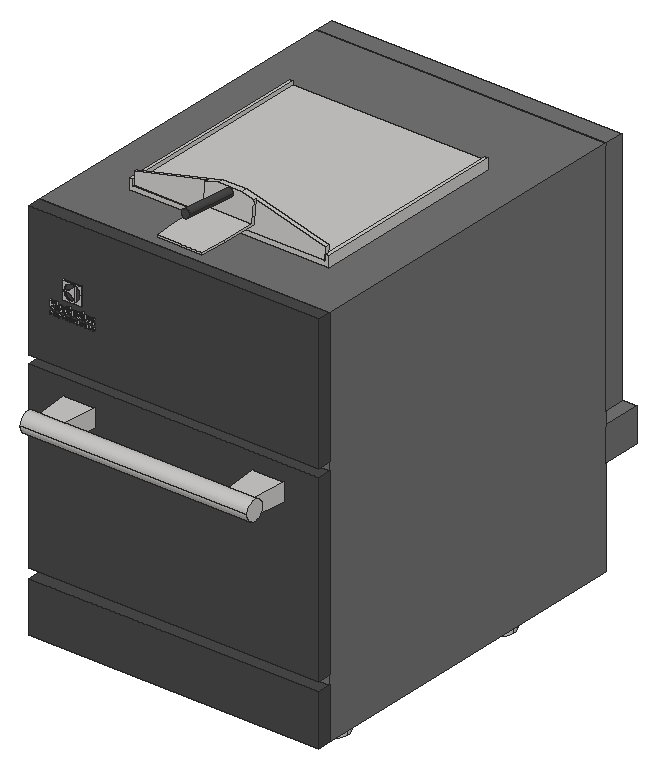
Revit family "QF_ELECTROLUXPROFESSIONAL_603952_EPRPROBTD", category Specialty Equipment, Revit 2023
Family settings
  Round Connector Dimension = Use Diameter
  Part Type = Normal
  Work Plane-Based = No
  Enable Cutting in Views = No
  Always vertical = Yes
  Cut with Voids When Loaded = No
  Maintain Annotation Orientation = No
  Shared = No
  Room Calculation Point = No
Parameters (values of type "Standard")
  Weight = 86.00 kg
  Watts = 0 W
  Volts = 380 V
  URL Manufacturer = "https://www.electroluxprofessional.com/"
  URL = "https://www.electroluxprofessional.com/"
  Steam Supply Size = 0 mm
  Steam Supply Minimum Pressure = 0.0 Pa
  Steam Supply Maximum Pressure = 0.0 Pa
  Steam Pounds per Hour = 0
  Show Logo [instance] = yes
  Show Clearance [instance] = yes
  Refrigeration Suction Line Size = 0 mm
  Refrigeration Liquid Line Size = 0 mm
  Refrigerant Compressor Remote = yes
  Manufacturer = "Electrolux Professional"
  Phase = 3
  Model = "EPRPROBTD"
  Length Actual = 460 mm  # constant formula
  Item Number = "603952"
  Hot Water Size = 0 mm
  Height Actual = 660 mm  # constant formula
  HP = "7.8 HP"
  Gas Size = 0 mm
  Gas KW = 0
  Gas Input Pressure = 0 W
  Direct Waste Size = 0 mm
  Description = "GOURMEXPRESS HIGH SPEED OVEN 380-415V 3N 50 Hz - BLACK"
  Depth Actual = 710 mm  # constant formula
  Default Elevation = 0 mm
  Cycle = 50 Hz
  Condensate Return Size = 0 mm
  Compressed Air Volume = 0.0 L/s
  Compressed Air Size = 0 mm
  Compressed Air Pressure = 0.0 Pa
  Cold Water Size = 0 mm
  Accessory = yes
Reference planes
  plane 1 "Center X": y = 418.851
  plane 2: z = 0
  plane 3 "Center Y": x = 103.5
  plane 4 "BACK": y = 703.851
  plane 5 "FRONT": y = 133.851
  plane 6: z = 629
  plane 7 "TOP": z = 1239
  plane 8: y = -121.149
  plane 9 "RIGHT": x = 333.5
  plane 10 "LEFT": x = -126.5
  plane 11: x = -56.5
  plane 12: x = 263.5
  plane 13: y = 583.851
  plane 14: y = 253.851
  plane 15: z = 578
Forms (mm)
  Extrusion 1, solid, material "QF_Finishes_Dark Gray"
    sketch origin (0, 0, 578) x (1, 0, 0) y (0, 1, 0)
      loop
        line (-126.5, 703.851) -> (-126.5, 155.851) -> (333.5, 155.851) -> (333.5, 703.851) -> (-126.5, 703.851)
    from 51 to 661
  Extrusion 2, solid, material "QF_Finishes_Black"
    sketch origin (0, 0, 578) x (1, 0, 0) y (0, 1, 0)
      loop
        line (-126.5, 155.851) -> (-126.5, 133.851) -> (333.5, 133.851) -> (333.5, 155.851) -> (-126.5, 155.851)
    from 51 to 131
  Extrusion 3, solid, material "QF_Finishes_Black"
    sketch origin (0, 0, 673) x (1, 0, 0) y (0, 1, 0)
      loop
        line (-126.5, 155.851) -> (-126.5, 133.851) -> (333.5, 133.851) -> (333.5, 155.851) -> (-126.5, 155.851)
    from 51 to 341
  Extrusion 4, solid, material "QF_Finishes_Black"
    sketch origin (0, 0, 976) x (1, 0, 0) y (0, 1, 0)
      loop
        line (-126.5, 155.851) -> (-126.5, 133.851) -> (333.5, 133.851) -> (333.5, 155.851) -> (-126.5, 155.851)
    from 51 to 263
  Extrusion 5, solid, material "QF_Finishes_Dark Gray"
    sketch origin (-126.5, 0, 578) x (0, 1, 0) y (0, 0, 1)
      loop
        line (703.851, 661) -> (703.851, 281) -> (733.851, 281) -> (733.851, 661) -> (703.851, 661)
    from 0 to 460
  Extrusion 6, solid, material "QF_Finishes_Dark Gray"
    sketch origin (-126.5, 0, 578) x (0, 1, 0) y (0, 0, 1)
      loop
        line (703.851, 261) -> (703.851, 207) -> (763.851, 207) -> (763.851, 261) -> (703.851, 261)
    from 0 to 460
  Extrusion 7, solid, material "QF_Finishes_Dark Gray"
    sketch origin (-126.5, 703.851, 578) x (1, 0, 0) y (0, 0, -1)
      loop
        circle (230, -111) r 10
    from 0 to 10
  Extrusion 8, solid, material "QF_Finishes_Stainless Steel"
    sketch origin (-126.5, 15, 578) x (0, 1, 0) y (0, 0, 1)
      loop
        circle (53.851, 400) r 15
    from 50 to 410
  Extrusion 9, solid, material "QF_Finishes_Stainless Steel"
    sketch origin (0, 0, 578) x (1, 0, 0) y (0, 1, 0)
      loop
        line (-71.5, 133.851) -> (-64.668, 68.851) -> (-28.332, 68.851) -> (-21.5, 133.851) -> (-71.5, 133.851)
    from 382.4 to 410.034
  Extrusion 10, solid, material "QF_Finishes_Stainless Steel"
    sketch origin (207, 0, 578) x (-1, 0, 0) y (0, -1, 0)
      loop
        line (-71.5, -133.851) -> (-21.5, -133.851) -> (-28.332, -68.851) -> (-64.668, -68.851) -> (-71.5, -133.851)
    from 382.4 to 410.034
  Extrusion 11, solid, material "QF_Finishes_Stainless Steel"
    sketch origin (313.5, 559.851, 708) x (-1, 0, 0) y (0, 0, -1)
      loop
        line (367.5, -531) -> (52.5, -531) -> (52.5, -548) -> (57.5, -548) -> (57.5, -538) -> (362.5, -538) -> (362.5, -548) -> (367.5, -548) -> (367.5, -531)
    from 0 to 316
  Extrusion 12, solid, material "QF_Finishes_Stainless Steel"
    sketch origin (313.5, 192.398, 710.47) x (-1, 0, 0) y (0, -0.095638, -0.995416)
      loop
        line (362, -538.979) -> (58, -538.979) -> (58, -558.12) -> (191.039, -590.161) -> (228.961, -590.161) -> (362, -558.12) -> (362, -538.979)
    from 0 to -5
  Extrusion 13, solid, material "QF_Finishes_Stainless Steel"
    sketch origin (313.5, 192.398, 710.466) x (-1, 0, 0) y (0, -0.095638, -0.995416)
      loop
        line (228.961, -590.164) -> (248.405, -585.482) -> (248.405, -549.816) -> (171.595, -549.816) -> (171.595, -585.482) -> (191.039, -590.164) -> (228.961, -590.164)
    from 0 to 5
  Extrusion 14, solid, material "QF_Finishes_Stainless Steel"
    sketch origin (0, 1.059, 1239.429) x (1, 0, 0) y (0, 1, 0)
      loop
        line (65.095, 244.787) -> (65.095, 183.851) -> (68.512, 144.792) -> (138.488, 144.792) -> (141.905, 183.851) -> (141.905, 244.787) -> (65.095, 244.787)
    from 17.834 to 20.834
  Extrusion 15, solid, material "QF_Finishes_Black"
    sketch origin (313.5, 187.421, 710.944) x (-1, 0, 0) y (0, -0.095638, -0.995416)
      loop
        circle (210, -582.028) r 6.6
    from 0 to 86.671
  Extrusion 16, solid, material "QF_Door-Drawer Clearances", visible <- "Show Clearance", detail levels coarse
    sketch origin (-126.5, 0, 0) x (0, 1, 0) y (0, 0, 1)
      loop
        line (133.851, 724) -> (133.851, 1014)
        arc (133.851, 1014) -> (-53.454, 921.587) -> (-121.149, 724) r 273.889
        line (-121.149, 724) -> (133.851, 724)
    from 0 to 460
  Extrusion 17, solid, material "QF_Clearances", visible <- "Show Clearance", detail levels coarse
    sketch origin (0, 0, 1239) x (1, 0, 0) y (0, 1, 0)
      loop
        line (-126.5, 703.851) -> (333.5, 703.851) -> (333.5, 133.851) -> (393.5, 133.851) -> (393.5, 763.851) -> (-186.5, 763.851) -> (-186.5, 133.851) -> (-126.5, 133.851) -> (-126.5, 703.851)
    from -661 to 140
  Extrusion 18, solid, material "QF_Clearances", visible <- "Show Clearance", detail levels coarse
    sketch origin (0, 0, 1239) x (1, 0, 0) y (0, 1, 0)
      loop
        line (-126.5, 703.851) -> (-126.5, 133.851) -> (333.5, 133.851) -> (333.5, 703.851) -> (-126.5, 703.851)
    from 0 to 140
  Extrusion 19, solid, material "QF_Finishes_Stainless Steel"
    sketch origin (313.5, 429.285, 708) x (-1, 0, 0) y (0, 0, -1)
      loop
        line (362, -543.5) -> (362, -538.5) -> (58, -538.5) -> (58, -543.5) -> (362, -543.5)
    from -130.566 to 180.363
Cuts and joins
  joined: Extrusion 8, Extrusion 9, Extrusion 10
  joined: Extrusion 12, Extrusion 13, Extrusion 14, Extrusion 19
Lines and regions (mm)
  Split face 1
    outline origin (365.185, 133.851, 976) x (-1, 0, 0) y (0, 0, -1)
      loop
        line (491.685, -81) -> (363.685, -81) -> (351.685, -69) -> (171.685, -69) -> (159.685, -81) -> (31.685, -81)
  Split face 2
    outline origin (365.185, 133.851, 976) x (-1, 0, 0) y (0, 0, -1)
      loop
        line (316.685, -185) -> (316.685, -119) -> (206.685, -119) -> (206.685, -185) -> (316.685, -185)
  Split face 3
    outline origin (365.185, 133.851, 976) x (-1, 0, 0) y (0, 0, -1)
      loop
        circle (101.685, -153.968) r 15
  symbolic lines
    curve 1: line (-126.5, 703.851, 1239) -> (333.5, 703.851, 1239)
    curve 2: line (-126.5, 133.851, 1239) -> (-126.5, 703.851, 1239)
    curve 3: line (333.5, 133.851, 1239) -> (-126.5, 133.851, 1239)
    curve 4: line (333.5, 703.851, 1239) -> (333.5, 133.851, 1239)
    curve 5: line (-54, 559.851, 1239) -> (261, 559.851, 1239)
    curve 6: line (-54, 243.851, 1239) -> (-54, 559.851, 1239)
    curve 7: line (261, 243.851, 1239) -> (141.905, 243.851, 1239)
    curve 8: line (261, 559.851, 1239) -> (261, 243.851, 1239)
    curve 9: line (65.095, 248.392, 1239) -> (65.095, 184.91, 1239)
    curve 10: line (65.095, 184.91, 1239) -> (68.512, 145.851, 1239)
    curve 11: line (138.488, 145.851, 1239) -> (141.905, 184.91, 1239)
    curve 12: line (141.905, 184.91, 1239) -> (141.905, 248.392, 1239)
    curve 13: spline (110.1, 156.811, 1239) -> (109.875, 156.974, 1239) -> (109.216, 157.126, 1239) -> (108.167, 157.257, 1239) -> (106.8, 157.357, 1239) -> (105.208, 157.42, 1239) -> (103.5, 157.442, 1239) -> (101.792, 157.42, 1239) -> (100.2, 157.357, 1239) -> (98.833, 157.257, 1239) -> (97.784, 157.126, 1239) -> (97.125, 156.974, 1239) -> (96.9, 156.811, 1239)
    curve 14: spline (96.9, 156.811, 1239) -> (97.125, 156.647, 1239) -> (97.784, 156.495, 1239) -> (98.833, 156.364, 1239) -> (100.2, 156.264, 1239) -> (101.792, 156.201, 1239) -> (103.5, 156.18, 1239) -> (105.208, 156.201, 1239) -> (106.8, 156.264, 1239) -> (108.167, 156.364, 1239) -> (109.216, 156.495, 1239) -> (109.875, 156.647, 1239) -> (110.1, 156.811, 1239)
    curve 15: line (96.9, 156.811, 1239) -> (96.9, 243.084, 1239)
    curve 16: spline (96.9, 243.084, 1239) -> (97.125, 243.248, 1239) -> (97.784, 243.4, 1239) -> (98.833, 243.531, 1239) -> (100.2, 243.631, 1239) -> (101.792, 243.694, 1239) -> (103.5, 243.715, 1239) -> (105.208, 243.694, 1239) -> (106.8, 243.631, 1239) -> (108.167, 243.531, 1239) -> (109.216, 243.4, 1239) -> (109.875, 243.248, 1239) -> (110.1, 243.084, 1239)
    curve 17: line (110.1, 156.811, 1239) -> (110.1, 243.084, 1239)
    curve 18: line (-27.16, 80.001, 1239) -> (-21.5, 133.851, 1239)
    curve 19: line (-71.5, 133.851, 1239) -> (-65.84, 80.001, 1239)
    curve 20: line (-76.5, 83.851, 1239) -> (-66.245, 83.851, 1239)
    curve 21: line (-76.5, 53.851, 1239) -> (-76.5, 83.851, 1239)
    curve 22: line (283.5, 53.851, 1239) -> (-76.5, 53.851, 1239)
    curve 23: line (283.5, 83.851, 1239) -> (283.5, 53.851, 1239)
    curve 24: line (228.5, 133.851, 1239) -> (234.16, 80.001, 1239)
    curve 25: line (272.84, 80.001, 1239) -> (278.5, 133.851, 1239)
    curve 34: line (-126.5, 703.851, 1239) -> (-126.5, 733.851, 1239)
    curve 35: line (-126.5, 733.851, 1239) -> (333.5, 733.851, 1239)
    curve 36: line (333.5, 733.851, 1239) -> (333.5, 703.851, 1239)
    curve 37: line (-126.5, 733.851, 1239) -> (-126.5, 763.851, 1239)
    curve 38: line (333.5, 763.851, 1239) -> (333.5, 733.851, 1239)
    curve 39: line (-126.5, 763.851, 0) -> (333.5, 763.851, 0)
    curve 40: line (68.512, 145.851, 1239) -> (138.488, 145.851, 1239)
    curve 41: line (-26.755, 83.851, 1239) -> (233.755, 83.851, 1239)
    curve 42: line (273.245, 83.851, 1239) -> (283.5, 83.851, 1239)
    curve 43: line (234.16, 80.001, 1239) -> (272.84, 80.001, 1239)
    curve 44: line (-65.84, 80.001, 1239) -> (-27.16, 80.001, 1239)
    curve 45: spline (96.9, 243.085, 1239) -> (97.125, 243.248, 1239) -> (97.784, 243.4, 1239) -> (98.833, 243.531, 1239) -> (100.2, 243.631, 1239) -> (101.792, 243.694, 1239) -> (103.5, 243.716, 1239) -> (105.208, 243.694, 1239) -> (106.8, 243.631, 1239) -> (108.167, 243.531, 1239) -> (109.216, 243.4, 1239) -> (109.875, 243.248, 1239) -> (110.1, 243.085, 1239)
    curve 46: line (84.539, 253.817, 1239) -> (84.539, 243.863, 1239)
    curve 47: line (122.461, 243.863, 1239) -> (122.461, 253.817, 1239)
    curve 48: line (122.461, 253.817, 1239) -> (255.5, 250.752, 1239)
    curve 49: line (256, 559.851, 1239) -> (256, 243.851, 1239)
    curve 50: line (255.5, 243.851, 1239) -> (255.5, 559.851, 1239)
    curve 51: line (-48.5, 559.851, 1239) -> (-48.5, 243.851, 1239)
    curve 52: line (-49, 243.851, 1239) -> (-49, 559.851, 1239)
    curve 53: line (141.905, 248.392, 1239) -> (255.5, 245.775, 1239)
    curve 54: line (141.905, 240.198, 1239) -> (110.1, 240.198, 1239)
    curve 55: line (141.905, 243.415, 1239) -> (122.461, 243.863, 1239)
    curve 56: line (84.539, 243.863, 1239) -> (65.095, 243.415, 1239)
    curve 57: line (-48.5, 245.775, 1239) -> (65.095, 248.392, 1239)
    curve 58: line (-48.5, 250.752, 1239) -> (84.539, 253.817, 1239)
    curve 59: line (84.539, 253.817, 1239) -> (122.461, 253.817, 1239)
    curve 60: line (122.461, 243.863, 1239) -> (84.539, 243.863, 1239)
    curve 61: line (65.095, 243.851, 1239) -> (-54, 243.851, 1239)
    curve 62: line (96.9, 240.198, 1239) -> (65.095, 240.198, 1239)
  symbolic lines, style "QF_Door-Drawer Clearances"
    curve 26: line (-126.5, 133.851, 1239) -> (-126.5, -121.149, 1239)
    curve 27: line (-126.5, -121.149, 1239) -> (333.5, -121.149, 1239)
    curve 28: line (333.5, -121.149, 1239) -> (333.5, 133.851, 1239)
  symbolic lines, style "QF_Clearances"
    curve 29: line (-186.5, 763.851, 1239) -> (-126.5, 763.851, 1239)
    curve 30: line (393.5, 763.851, 1239) -> (393.5, 133.851, 1239)
    curve 31: line (393.5, 133.851, 1239) -> (333.5, 133.851, 1239)
    curve 32: line (-126.5, 133.851, 1239) -> (-186.5, 133.851, 1239)
    curve 33: line (-186.5, 133.851, 1239) -> (-186.5, 763.851, 1239)
    curve 63: line (333.5, 763.851, 1239) -> (393.5, 763.851, 1239)
Dimensions and locks
  plane 4 "BACK" to plane 5 "FRONT" = 570 mm
  equal spacing: plane 4 "BACK", plane 1 "Center X", plane 5 "FRONT"
  equal spacing: plane 10 "LEFT", plane 3 "Center Y", plane 9 "RIGHT"
  plane 10 "LEFT" to plane 9 "RIGHT" = 460 mm
  plane 5 "FRONT" to plane 8 = 255 mm
  plane 6 to plane 15 = 51 mm
  plane 7 "TOP" to plane 6 = 610 mm
  plane 11 to plane 12 = 320 mm
  plane 13 to plane 14 = 330 mm  (x2)
  plane 15 to level = 578 mm
  aligned and locked: level to plane 2
  aligned and locked: plane 12 to nested 2
  aligned and locked: plane 12 to nested 3
  aligned and locked: plane 11 to nested 1
  aligned and locked: plane 11 to nested 4
  aligned and locked: nested 4 to plane 13
  aligned and locked: nested 3 to plane 13
  aligned and locked: nested 1 to plane 14
  aligned and locked: nested 2 to plane 14
  aligned and locked: Extrusion 1 sketch curve to plane 4 "BACK"
  aligned and locked: plane 10 "LEFT" to Extrusion 1 sketch curve
  aligned and locked: Extrusion 1 sketch curve to plane 9 "RIGHT"
  aligned and locked: Extrusion 1 to plane 6
  aligned and locked: plane 7 "TOP" to Extrusion 1
  aligned and locked: Extrusion 2 sketch curve to Extrusion 1  (x2)
  aligned and locked: plane 5 "FRONT" to Extrusion 2 sketch curve
  aligned and locked: Extrusion 2 sketch curve to plane 9 "RIGHT"
  aligned and locked: Extrusion 2 to plane 6
  aligned and locked: plane 7 "TOP" to Extrusion 4
  aligned and locked: plane 9 "RIGHT" to Extrusion 5
  aligned and locked: plane 9 "RIGHT" to Extrusion 16
Automatic sketch dimensions
  Extrusion 9 sketch curve to plane 5 "FRONT" = 0 mm
  Extrusion 9 sketch curve to plane 11 = 8.168 mm
  plane 11 to Extrusion 9 sketch curve = 28.168 mm
  plane 11 to Extrusion 9 sketch curve = 35 mm
  Extrusion 10 sketch curve to plane 5 "FRONT" = 0 mm
  Extrusion 10 sketch curve to plane 12 = 8.168 mm
  plane 12 to Extrusion 10 sketch curve = 28.168 mm
  plane 12 to Extrusion 10 sketch curve = 35 mm
  Extrusion 12 sketch curve to plane 12 = 8 mm
  plane 3 "Center Y" to Extrusion 12 sketch curve = 18.961 mm
  Extrusion 12 sketch curve to plane 3 "Center Y" = 18.961 mm
  plane 11 to Extrusion 12 sketch curve = 8 mm
  Extrusion 12 sketch curve to Extrusion 12 sketch curve = 32.04 mm  (x2)
  Extrusion 12 sketch curve to Extrusion 12 sketch curve = 19.141 mm
  Extrusion 13 sketch curve to Extrusion 12 = 0 mm  (x5)
  Extrusion 13 sketch curve to Extrusion 12 = 10.834 mm
  Extrusion 13 sketch curve to Extrusion 13 sketch curve = 19.444 mm  (x2)
  Extrusion 14 sketch curve to plane 14 = 8.005 mm
  Extrusion 14 sketch curve to plane 3 "Center Y" = 38.405 mm
  plane 5 "FRONT" to Extrusion 14 sketch curve = 12 mm
  Extrusion 14 sketch curve to plane 3 "Center Y" = 34.988 mm
  plane 3 "Center Y" to Extrusion 14 sketch curve = 34.988 mm
  plane 3 "Center Y" to Extrusion 14 sketch curve = 38.405 mm
  Extrusion 15 sketch curve to Extrusion 13 = 8.137 mm
  Extrusion 15 sketch curve to Extrusion 13 = 38.405 mm
  Extrusion 9 sketch curve to plane 11 = 15 mm
  Extrusion 10 sketch curve to plane 12 = 15 mm
  Extrusion 9 sketch curve to plane 5 "FRONT" = 65 mm
  plane 5 "FRONT" to Extrusion 10 sketch curve = 65 mm
  plane 5 "FRONT" to Extrusion 1 sketch curve = 22 mm
  Extrusion 14 sketch curve to Extrusion 14 sketch curve = 39.059 mm  (x2)
  curve 39 to plane 10 "LEFT" = 0 mm
  curve 39 to plane 9 "RIGHT" = 0 mm
  plane 4 "BACK" to curve 39 = 60 mm
  Extrusion 3 sketch curve to plane 5 "FRONT" = 0 mm
  Extrusion 3 sketch curve to plane 10 "LEFT" = 0 mm
  Extrusion 3 sketch curve to plane 9 "RIGHT" = 0 mm
  plane 5 "FRONT" to Extrusion 3 sketch curve = 22 mm
  Extrusion 4 sketch curve to plane 5 "FRONT" = 0 mm
  Extrusion 4 sketch curve to plane 10 "LEFT" = 0 mm
  Extrusion 4 sketch curve to plane 9 "RIGHT" = 0 mm
  plane 5 "FRONT" to Extrusion 4 sketch curve = 22 mm
  Split face 1 sketch curve to Extrusion 4 = 0 mm
  Extrusion 4 to Split face 1 sketch curve = 0 mm
  Split face 1 sketch curve to Extrusion 4 = 30 mm
  Split face 1 sketch curve to Split face 1 sketch curve = 128 mm
  Split face 1 sketch curve to Split face 1 sketch curve = 12 mm  (x3)
  Split face 1 sketch curve to Extrusion 4 = 18 mm
  Split face 1 sketch curve to Extrusion 4 = 140 mm
  Split face 2 sketch curve to Extrusion 4 = 78 mm
  Split face 2 sketch curve to Extrusion 4 = 175 mm
  Split face 2 sketch curve to Split face 2 sketch curve = 110 mm
  Split face 2 sketch curve to Split face 2 sketch curve = 66 mm
  Split face 3 sketch curve to Extrusion 4 = 70 mm
  Split face 3 sketch curve to Extrusion 4 = 102.968 mm
  Extrusion 5 sketch curve to plane 4 "BACK" = 0 mm
  Extrusion 5 sketch curve to plane 7 "TOP" = 0 mm
  plane 4 "BACK" to Extrusion 5 sketch curve = 30 mm
  plane 6 to Extrusion 5 sketch curve = 230 mm
  Extrusion 6 sketch curve to plane 4 "BACK" = 0 mm
  plane 4 "BACK" to Extrusion 6 sketch curve = 60 mm
  plane 6 to Extrusion 6 sketch curve = 156 mm
  Extrusion 6 sketch curve to Extrusion 6 sketch curve = 54 mm
  Extrusion 1 to Extrusion 7 sketch curve = 60 mm
  Extrusion 7 sketch curve to Extrusion 1 = 230 mm
  Extrusion 8 sketch curve to plane 5 "FRONT" = 65 mm
  Extrusion 8 sketch curve to plane 7 "TOP" = 261 mm
  Extrusion 11 sketch curve to plane 7 "TOP" = 0 mm
  Extrusion 11 sketch curve to plane 12 = 2.5 mm
  Extrusion 11 sketch curve to plane 12 = 7.5 mm
  plane 11 to Extrusion 11 sketch curve = 7.5 mm
  plane 11 to Extrusion 11 sketch curve = 2.5 mm
  plane 7 "TOP" to Extrusion 11 sketch curve = 7 mm
  Extrusion 11 sketch curve to Extrusion 11 sketch curve = 10 mm  (x2)
  Extrusion 16 sketch curve to plane 8 = 0 mm
  Extrusion 16 sketch curve to plane 5 "FRONT" = 0 mm
  plane 5 "FRONT" to Extrusion 16 sketch curve = 18.377 mm
  plane 6 to Extrusion 16 sketch curve = 95 mm
  Extrusion 16 sketch curve to Extrusion 16 sketch curve = 16.729 mm
  Extrusion 17 sketch curve to Extrusion 1 = 0 mm  (x3)
  Extrusion 1 to Extrusion 17 sketch curve = 22 mm  (x2)
  Extrusion 1 to Extrusion 17 sketch curve = 60 mm  (x3)
  Extrusion 18 sketch curve to Extrusion 1 = 0 mm  (x3)
  Extrusion 1 to Extrusion 18 sketch curve = 22 mm
  Extrusion 19 sketch curve to plane 12 = 8 mm
  plane 11 to Extrusion 19 sketch curve = 8 mm
  plane 7 "TOP" to Extrusion 19 sketch curve = 12.5 mm
  Extrusion 19 sketch curve to Extrusion 19 sketch curve = 5 mm
  curve 37 to Extrusion 1 = 0 mm
  curve 4 to Extrusion 1 = 0 mm  (x2)
  Extrusion 1 to curve 33 = 22 mm
  Extrusion 1 to curve 33 = 60 mm  (x2)
  curve 20 to Extrusion 1 = 50 mm
  curve 20 to curve 19 = 10.66 mm
  curve 6 to Extrusion 1 = 72.5 mm
  curve 19 to curve 18 = 38.68 mm
  curve 6 to curve 9 = 119.095 mm
  Extrusion 1 to curve 40 = 10 mm
  curve 9 to curve 40 = 3.417 mm
  curve 9 to curve 46 = 19.444 mm
  curve 46 to curve 15 = 12.361 mm
  curve 17 to Extrusion 1 = 0.96 mm
  curve 13 to curve 17 = 13.2 mm
  curve 55 to Extrusion 1 = 88.012 mm
  curve 16 to curve 55 = 12.361 mm
  curve 13 to curve 11 = 28.388 mm
  curve 53 to Extrusion 1 = 92.541 mm
  curve 47 to curve 53 = 19.444 mm
  curve 24 to Extrusion 1 = 99.34 mm
  curve 5 to Extrusion 1 = 72.5 mm
  curve 24 to curve 43 = 38.68 mm
  curve 25 to curve 42 = 10.66 mm
  curve 63 to curve 30 = 60 mm
  curve 21 to curve 19 = 50 mm
  curve 42 to curve 25 = 50 mm
  curve 43 to curve 42 = 3.85 mm
  curve 44 to curve 20 = 3.85 mm
  curve 21 to curve 19 = 26.15 mm
  curve 28 to curve 22 = 175 mm
  curve 10 to Extrusion 1 = 29.059 mm
  curve 11 to Extrusion 1 = 29.059 mm
  curve 17 to curve 47 = 0.779 mm
  curve 6 to Extrusion 1 = 88 mm
  curve 8 to Extrusion 1 = 88 mm
  curve 61 to curve 9 = 4.541 mm
  curve 47 to curve 47 = 9.954 mm
  curve 5 to Extrusion 1 = 144 mm
  Extrusion 1 to curve 38 = 30 mm
  Extrusion 1 to curve 30 = 60 mm
  curve 20 to curve 19 = 5 mm
  curve 5 to curve 52 = 5 mm
  curve 52 to curve 58 = 0.5 mm
  curve 18 to curve 41 = 0.405 mm
  curve 19 to curve 18 = 50 mm
  curve 45 to curve 15 = 0 mm
  curve 45 to curve 16 = 0 mm
  curve 24 to curve 24 = 5.66 mm
  curve 53 to curve 7 = 5.5 mm
  curve 50 to curve 49 = 0.5 mm
  curve 25 to curve 42 = 0.405 mm
  curve 62 to curve 61 = 3.653 mm
  curve 54 to curve 7 = 3.653 mm
  curve 15 to curve 45 = 0 mm
  curve 55 to curve 7 = 0.436 mm
  curve 56 to curve 61 = 0.436 mm
  curve 51 to curve 57 = 1.924 mm
  curve 50 to curve 53 = 1.924 mm
  curve 57 to curve 58 = 4.977 mm
  curve 53 to curve 48 = 4.977 mm
  radius of Extrusion 15 sketch curve = 6.6 mm
  radius of Split face 3 sketch curve = 15 mm
  radius of Extrusion 7 sketch curve = 10 mm
  radius of Extrusion 8 sketch curve = 15 mm
Nested families
  nested 1: "Foot_Complete" at (-56.5, 253.851, 578), type "Foot_Complete"
  nested 2: "Foot_Complete" at (263.5, 253.851, 578), type "Foot_Complete"
  nested 3: "Foot_Complete" at (263.5, 583.851, 578), type "Foot_Complete"
  nested 4: "Foot_Complete" at (-56.5, 583.851, 578), type "Foot_Complete"
  nested 5: "ELX_Logo_Professional" at (-56.5, 133.851, 1122.524) x (1, 0, 0) z (0, -1, 0), visible <- "Show Logo", type "ELX_Logo_Professional"
Connectors
  electrical at (103.5, 713.851, 689)
    settings: on Extrusion 7, index 1, voltage 0 V, apparent load 0 VA, apparent load phase1 0 VA, apparent load phase2 0 VA, apparent load phase3 0 VA, power factor 1, load classification "Altro", number of poles 1, system type 30, power factor state 1, is connector primary yes, connector utility no, sub classification motor no, connector description "Electrical"
Definition of nested family "Foot_Complete"
  Parameters (values of type "Foot_Complete")
    R = 25 mm
    H = 51 mm
    Default Elevation = 0 mm
  Reference planes
    plane 1 "Centro (Fronte/Retro)": y = 0
    plane 2: z = 0
    plane 3 "Centro (Sinistra/Destra)": x = 0
    plane 4: z = 51
  Forms (mm)
    Revolve 1, solid
      sketch origin (255.05, 0, 608.09) x (0, 0, 1) y (-1, 0, 0)
        loop
          line (-608.09, 255.05) -> (-608.09, 235.05) -> (-597.09, 235.05) -> (-597.09, 230.05) -> (-557.09, 230.05) -> (-557.09, 255.05) -> (-608.09, 255.05)
        axis (-608.09, 255.05) -> (-557.09, 255.05)
      angle from 0 to 360
  Dimensions and locks
    level to Revolve 1 sketch curve = 11 mm
    "R": Revolve 1 sketch curve to plane 3 "Centro (Sinistra/Destra)"
    "H": plane 4 to level
    aligned and locked: level to plane 2
    aligned and locked: plane 4 to Revolve 1 sketch curve
    aligned and locked: Revolve 1 sketch curve to level
    aligned and locked: plane 3 "Centro (Sinistra/Destra)" to Revolve 1 sketch curve
  Automatic sketch dimensions
    Revolve 1 sketch curve to plane 3 "Centro (Sinistra/Destra)" = 0 mm
    Revolve 1 sketch curve to Revolve 1 sketch curve = 5 mm
    Revolve 1 sketch curve to Revolve 1 sketch curve = 50 mm
    Revolve 1 sketch curve to Revolve 1 sketch curve = 20 mm
Definition of nested family "ELX_Logo_Professional"
  Parameters (values of type "ELX_Logo_Professional")
    materiale = none
    Default Elevation = 0 mm
  Reference planes
    plane 1 "Centro (Fronte/Retro)": y = 0
    plane 2: z = 0
    plane 3 "Centro (Sinistra/Destra)": x = 0
  Forms (mm)
    Extrusion 1, solid
      sketch origin (0, 0, 0) x (1, 0, 0) y (0, 1, 0)
        loop
          line (-1219.2, 1219.2) -> (-1219.2, -1219.2) -> (1219.2, -1219.2) -> (1219.2, 1219.2) -> (-1219.2, 1219.2)
      from 0 to -304.8
    Extrusion 2, solid, material <- "materiale"
      sketch origin (-144.622, -1081.55, 0) x (-1, 0, 0) y (0, -1, 0)
        loop
          line (-130.265, -1113.361) -> (-130.265, -1084.645) -> (-158.979, -1084.645) -> (-158.979, -1113.361) -> (-130.265, -1113.361)
        loop
          arc (-146.24, -1106.937) -> (-147.076, -1109.166) -> (-147.324, -1111.534) r 9.395
          arc (-147.324, -1111.534) -> (-145.139, -1111.806) -> (-142.939, -1111.706) r 13.008
          line (-142.939, -1111.706) -> (-141.329, -1111.382) -> (-139.8, -1110.859) -> (-138.364, -1110.152) -> (-137.035, -1109.277) -> (-135.826, -1108.249) -> (-134.751, -1107.081) -> (-133.821, -1105.789) -> (-133.05, -1104.389) -> (-132.452, -1102.893) -> (-132.039, -1101.318) -> (-131.824, -1099.675) -> (-134.539, -1099.675) -> (-136.155, -1099.784) -> (-137.741, -1100.101) -> (-139.277, -1100.613) -> (-140.74, -1101.304) -> (-142.111, -1102.159) -> (-143.367, -1103.165) -> (-144.488, -1104.306) -> (-145.453, -1105.568) -> (-146.24, -1106.937)
        loop
          line (-148.67, -1086.844) -> (-150.173, -1087.464) -> (-151.57, -1088.253) -> (-152.847, -1089.196) -> (-153.992, -1090.281) -> (-154.994, -1091.494) -> (-155.841, -1092.821) -> (-156.519, -1094.25) -> (-157.018, -1095.766) -> (-157.324, -1097.357) -> (-157.427, -1099.009) -> (-157.315, -1100.685) -> (-156.998, -1102.296) -> (-156.488, -1103.827) -> (-155.799, -1105.265) -> (-154.946, -1106.596) -> (-153.94, -1107.806) -> (-152.796, -1108.882) -> (-151.528, -1109.81) -> (-150.148, -1110.576) -> (-148.67, -1111.167) -> (-148.67, -1086.844)
        loop
          arc (-147.323, -1086.473) -> (-147.041, -1088.83) -> (-146.239, -1091.065) r 10.532
          line (-146.239, -1091.065) -> (-145.452, -1092.432) -> (-144.488, -1093.693) -> (-143.367, -1094.833) -> (-142.111, -1095.838) -> (-140.741, -1096.693) -> (-139.278, -1097.383) -> (-137.743, -1097.894) -> (-136.157, -1098.211) -> (-134.541, -1098.32) -> (-131.822, -1098.32) -> (-131.976, -1096.81) -> (-132.312, -1095.353) -> (-132.818, -1093.961) -> (-133.481, -1092.644) -> (-134.291, -1091.416) -> (-135.235, -1090.288) -> (-136.302, -1089.272) -> (-137.48, -1088.379) -> (-138.757, -1087.622) -> (-140.121, -1087.012) -> (-141.56, -1086.561) -> (-143.063, -1086.281) -> (-144.633, -1086.183)
          arc (-144.633, -1086.183) -> (-145.985, -1086.264) -> (-147.323, -1086.473) r 14.39
        loop
          line (-111.329, -1069.559) -> (-111.329, -1071.073) -> (-116.048, -1071.073) -> (-116.048, -1072.896) -> (-111.328, -1072.896) -> (-111.328, -1075.549) -> (-116.349, -1075.549) -> (-116.349, -1077.368) -> (-109.396, -1077.368) -> (-109.396, -1073.46) -> (-109.396, -1069.659)
          arc (-109.396, -1069.659) -> (-110.425, -1067.175) -> (-112.909, -1066.146) r 3.513
          line (-112.909, -1066.146) -> (-116.483, -1066.146) -> (-116.483, -1067.963) -> (-112.925, -1067.963)
          arc (-112.925, -1067.963) -> (-111.797, -1068.431) -> (-111.329, -1069.559) r 1.596
        loop
          line (-119.79, -1077.358) -> (-117.856, -1077.358) -> (-117.856, -1072.053) -> (-117.856, -1066.132) -> (-119.79, -1066.132) -> (-119.79, -1072.092) -> (-119.79, -1077.358)
        loop
          line (-122.986, -1069.718) -> (-129.327, -1069.718)
          arc (-129.327, -1069.718) -> (-129.219, -1071.449) -> (-128.497, -1073.026) r 4.757
          arc (-128.497, -1073.026) -> (-125.237, -1074.5) -> (-121.978, -1073.026) r 4.34
          arc (-121.978, -1073.026) -> (-121.072, -1070.207) -> (-121.978, -1067.388) r 4.838
          arc (-121.978, -1067.388) -> (-125.393, -1065.933) -> (-128.809, -1067.388) r 4.737
          line (-128.809, -1067.388) -> (-127.645, -1068.52)
          arc (-127.645, -1068.52) -> (-125.509, -1067.576) -> (-123.374, -1068.52) r 2.888
          arc (-123.374, -1068.52) -> (-123.05, -1069.077) -> (-122.986, -1069.718) r 1.527
        loop
          arc (-127.386, -1071.076) -> (-126.67, -1072.331) -> (-125.331, -1072.872) r 2.201
          arc (-125.331, -1072.872) -> (-123.848, -1072.402) -> (-123.033, -1071.076) r 2.23
          line (-123.033, -1071.076) -> (-127.386, -1071.076)
        loop
          line (-136.862, -1071.886) -> (-138.059, -1073.132)
          arc (-138.059, -1073.132) -> (-130.327, -1070.219) -> (-138.059, -1067.306) r 4.415
          line (-138.059, -1067.306) -> (-136.862, -1068.553)
          arc (-136.862, -1068.553) -> (-132.252, -1070.22) -> (-136.862, -1071.886) r 2.606
        loop
          line (-141.192, -1069.673) -> (-141.192, -1072.494) -> (-142.951, -1072.494) -> (-142.951, -1074.25) -> (-141.195, -1074.25) -> (-141.195, -1077.358) -> (-139.262, -1077.358) -> (-139.262, -1073.332) -> (-139.262, -1069.514)
          arc (-139.262, -1069.514) -> (-140.299, -1066.92) -> (-142.98, -1066.132) r 3.196
          line (-142.98, -1066.132) -> (-142.987, -1067.949)
          arc (-142.987, -1067.949) -> (-141.652, -1068.356) -> (-141.192, -1069.673) r 1.542
        loop
          line (-146.494, -1073.042) -> (-146.494, -1074.25) -> (-144.576, -1074.25) -> (-144.576, -1070.271) -> (-144.576, -1066.132) -> (-146.494, -1066.132) -> (-146.494, -1070.401)
          arc (-146.494, -1070.401) -> (-147.446, -1072.228) -> (-149.489, -1072.494) r 2.229
          line (-149.489, -1072.494) -> (-149.489, -1074.362)
          arc (-149.489, -1074.362) -> (-147.761, -1074.226) -> (-146.494, -1073.042) r 2.627
        loop
          line (-159.833, -1072.246) -> (-159.833, -1066.131) -> (-161.767, -1066.131) -> (-161.767, -1072.17) -> (-161.767, -1077.359) -> (-159.833, -1077.359) -> (-159.833, -1072.246)
        loop
          line (-165.194, -1069.514) -> (-165.194, -1074.25) -> (-163.245, -1074.25) -> (-163.245, -1071.898) -> (-163.245, -1069.098)
          arc (-163.245, -1069.098) -> (-166.96, -1065.769) -> (-170.687, -1069.085) r 3.745
          line (-170.687, -1069.085) -> (-170.687, -1071.898) -> (-170.687, -1074.25) -> (-168.739, -1074.25) -> (-168.739, -1069.514)
          arc (-168.739, -1069.514) -> (-166.967, -1067.742) -> (-165.194, -1069.514) r 1.772
        loop
          line (-174.654, -1070.416) -> (-172.975, -1068.078) -> (-171.578, -1066.131) -> (-173.656, -1066.131) -> (-175.717, -1068.999) -> (-177.779, -1066.131) -> (-179.857, -1066.131) -> (-178, -1068.728) -> (-176.781, -1070.433) -> (-178.29, -1072.488) -> (-179.583, -1074.25) -> (-177.473, -1074.25) -> (-175.717, -1071.818) -> (-173.945, -1074.25) -> (-171.852, -1074.25) -> (-173.052, -1072.608) -> (-174.654, -1070.416)
        loop
          circle (-154.223, -1070.188) r 2.508
        loop
          circle (-154.223, -1070.188) r 4.42
        loop
          line (-110.224, -1058.542) -> (-111.194, -1058.542)
          arc (-111.194, -1058.542) -> (-112.217, -1059.95) -> (-110.924, -1061.114) r 1.3
          line (-110.924, -1061.114) -> (-109.424, -1061.114) -> (-109.424, -1057.223) -> (-110.224, -1057.223) -> (-110.224, -1058.542)
        loop
          line (-110.224, -1060.379) -> (-110.224, -1059.293) -> (-111.03, -1059.293)
          arc (-111.03, -1059.293) -> (-111.43, -1059.836) -> (-111.03, -1060.379) r 0.569
          line (-111.03, -1060.379) -> (-110.224, -1060.379)
        loop
          line (-116.302, -1058.564) -> (-117.128, -1058.564) -> (-117.934, -1057.223) -> (-118.841, -1057.223) -> (-117.833, -1058.884)
          arc (-117.833, -1058.884) -> (-118.214, -1060.282) -> (-117.028, -1061.114) r 1.26
          line (-117.028, -1061.114) -> (-115.503, -1061.114) -> (-115.503, -1057.223) -> (-116.302, -1057.223) -> (-116.302, -1058.564)
        loop
          line (-116.302, -1060.379) -> (-116.302, -1059.293) -> (-117.109, -1059.293)
          arc (-117.109, -1059.293) -> (-117.508, -1059.836) -> (-117.109, -1060.379) r 0.569
          line (-117.109, -1060.379) -> (-116.302, -1060.379)
        loop
          line (-128.923, -1057.223) -> (-129.723, -1057.223) -> (-129.723, -1058.714) -> (-131.187, -1058.714) -> (-131.187, -1059.514) -> (-129.723, -1059.514) -> (-129.723, -1060.314) -> (-131.327, -1060.314) -> (-131.327, -1061.114) -> (-128.923, -1061.114) -> (-128.923, -1057.223)
        loop
          arc (-134.628, -1058.469) -> (-134.992, -1057.588) -> (-135.874, -1057.223) r 1.246
          line (-135.874, -1057.223) -> (-137.13, -1057.223) -> (-137.13, -1058.023) -> (-135.969, -1058.023)
          arc (-135.969, -1058.023) -> (-135.53, -1058.237) -> (-135.427, -1058.714) r 0.558
          line (-135.427, -1058.714) -> (-136.984, -1058.714) -> (-136.984, -1059.514) -> (-135.427, -1059.514) -> (-135.427, -1060.314) -> (-137.092, -1060.314) -> (-137.092, -1061.114) -> (-134.628, -1061.114) -> (-134.628, -1058.469)
        loop
          line (-152.3, -1057.223) -> (-153.1, -1057.223) -> (-153.1, -1061.114) -> (-152.3, -1061.114) -> (-152.3, -1057.223)
        loop
          line (-164.67, -1057.223) -> (-164.67, -1059.67) -> (-166.45, -1057.223) -> (-167.25, -1057.223) -> (-167.25, -1061.114) -> (-166.42, -1061.114) -> (-166.42, -1058.594) -> (-164.64, -1061.114) -> (-163.84, -1061.114) -> (-163.84, -1057.223) -> (-164.67, -1057.223)
        loop
          line (-170.403, -1057.223) -> (-171.262, -1057.223) -> (-171.641, -1058.063) -> (-173.08, -1058.063) -> (-173.459, -1057.223) -> (-174.317, -1057.223) -> (-172.796, -1061.113) -> (-171.996, -1061.113) -> (-170.403, -1057.223)
        loop
          line (-177.493, -1057.223) -> (-179.789, -1057.223) -> (-179.789, -1058.023) -> (-178.293, -1058.023) -> (-178.293, -1061.114) -> (-177.493, -1061.114) -> (-177.493, -1057.223)
        loop
          line (-172.362, -1059.848) -> (-171.945, -1058.83) -> (-172.76, -1058.83) -> (-172.362, -1059.848)
        loop
          circle (-158.484, -1059.145) r 1.288
        loop
          circle (-158.484, -1059.145) r 2.065
        loop
          arc (-146.04, -1058.095) -> (-146.933, -1057.275) -> (-148.145, -1057.245) r 1.725
          arc (-148.145, -1057.245) -> (-148.965, -1058.02) -> (-148.68, -1059.111) r 1.107
          arc (-148.68, -1059.111) -> (-148.103, -1059.465) -> (-147.486, -1059.746) r 5.523
          arc (-147.486, -1059.746) -> (-147.147, -1060.262) -> (-147.708, -1060.52) r 0.407
          arc (-147.708, -1060.52) -> (-148.045, -1060.315) -> (-148.325, -1060.038) r 1.702
          line (-148.325, -1060.038) -> (-149.011, -1060.45)
          arc (-149.011, -1060.45) -> (-148.578, -1060.911) -> (-148.043, -1061.247) r 2.463
          arc (-148.043, -1061.247) -> (-146.373, -1060.466) -> (-147.42, -1058.949) r 1.207
          spline (-147.42, -1058.949) -> (-147.716, -1058.809) -> (-147.932, -1058.678) -> (-148.077, -1058.557) -> (-148.163, -1058.446) -> (-148.198, -1058.347) -> (-148.192, -1058.258) -> (-148.157, -1058.182) -> (-148.102, -1058.118) -> (-148.037, -1058.068) -> (-147.972, -1058.031) -> (-147.917, -1058.008) -> (-147.883, -1058)
          arc (-147.883, -1058) -> (-147.238, -1058.014) -> (-146.759, -1058.446) r 0.925
          line (-146.759, -1058.446) -> (-146.04, -1058.095)
        loop
          arc (-140.18, -1058.095) -> (-141.073, -1057.275) -> (-142.285, -1057.245) r 1.725
          arc (-142.285, -1057.245) -> (-143.106, -1058.02) -> (-142.821, -1059.111) r 1.107
          arc (-142.821, -1059.111) -> (-142.243, -1059.465) -> (-141.627, -1059.746) r 5.523
          arc (-141.627, -1059.746) -> (-141.287, -1060.262) -> (-141.849, -1060.52) r 0.407
          arc (-141.849, -1060.52) -> (-142.185, -1060.315) -> (-142.466, -1060.038) r 1.702
          line (-142.466, -1060.038) -> (-143.151, -1060.45)
          arc (-143.151, -1060.45) -> (-142.719, -1060.911) -> (-142.183, -1061.247) r 2.463
          arc (-142.183, -1061.247) -> (-140.513, -1060.466) -> (-141.56, -1058.949) r 1.207
          spline (-141.56, -1058.949) -> (-141.856, -1058.809) -> (-142.072, -1058.678) -> (-142.218, -1058.557) -> (-142.303, -1058.446) -> (-142.338, -1058.347) -> (-142.333, -1058.258) -> (-142.298, -1058.182) -> (-142.242, -1058.118) -> (-142.177, -1058.068) -> (-142.112, -1058.031) -> (-142.057, -1058.008) -> (-142.023, -1058)
          arc (-142.023, -1058) -> (-141.378, -1058.014) -> (-140.9, -1058.446) r 0.925
          line (-140.9, -1058.446) -> (-140.18, -1058.095)
        loop
          circle (-123.484, -1059.145) r 1.288
        loop
          circle (-123.484, -1059.145) r 2.065
      from 0 to 1.6
  Lines and regions (mm)
    symbolic lines
      curve 1: line (-14.357, 31.811, 0) -> (14.357, 31.811, 0)
      curve 2: line (-14.357, 3.095, 0) -> (-14.357, 31.811, 0)
      curve 3: line (14.357, 3.095, 0) -> (-14.357, 3.095, 0)
      curve 4: line (14.357, 31.811, 0) -> (14.357, 3.095, 0)
      curve 5: line (-8.32, 7.722, 0) -> (-9.387, 8.738, 0)
      curve 6: line (-9.387, 8.738, 0) -> (-10.331, 9.866, 0)
      curve 7: line (-10.331, 9.866, 0) -> (-11.141, 11.095, 0)
      curve 8: line (-11.141, 11.095, 0) -> (-11.805, 12.411, 0)
      curve 9: line (-11.805, 12.411, 0) -> (-12.31, 13.803, 0)
      curve 10: line (-12.31, 13.803, 0) -> (-12.646, 15.26, 0)
      curve 11: line (-12.646, 15.26, 0) -> (-12.8, 16.77, 0)
      curve 12: line (-12.8, 16.77, 0) -> (-10.081, 16.77, 0)
      curve 13: line (-10.081, 16.77, 0) -> (-8.466, 16.661, 0)
      curve 14: line (-8.466, 16.661, 0) -> (-6.88, 16.344, 0)
      curve 15: line (-6.88, 16.344, 0) -> (-5.345, 15.833, 0)
      curve 16: line (-5.345, 15.833, 0) -> (-3.882, 15.143, 0)
      curve 17: line (-3.882, 15.143, 0) -> (-2.511, 14.288, 0)
      curve 18: line (-2.511, 14.288, 0) -> (-1.255, 13.283, 0)
      curve 19: line (-1.255, 13.283, 0) -> (-0.135, 12.143, 0)
      curve 20: line (-0.135, 12.143, 0) -> (0.83, 10.882, 0)
      curve 21: line (0.83, 10.882, 0) -> (1.616, 9.515, 0)
      curve 22: arc (1.616, 9.515, 0) -> (2.419, 7.28, 0) -> (2.7, 4.923, 0) r 10.532
      curve 23: arc (2.7, 4.923, 0) -> (1.362, 4.715, 0) -> (0.011, 4.633, 0) r 14.39
      curve 24: line (0.011, 4.633, 0) -> (-1.56, 4.731, 0)
      curve 25: line (-1.56, 4.731, 0) -> (-3.062, 5.011, 0)
      curve 26: line (-3.062, 5.011, 0) -> (-4.502, 5.462, 0)
      curve 27: line (-4.502, 5.462, 0) -> (-5.866, 6.072, 0)
      curve 28: line (-5.866, 6.072, 0) -> (-7.142, 6.829, 0)
      curve 29: line (-7.142, 6.829, 0) -> (-8.32, 7.722, 0)
      curve 30: line (-10.802, 24.24, 0) -> (-9.872, 25.531, 0)
      curve 31: line (-9.872, 25.531, 0) -> (-8.796, 26.699, 0)
      curve 32: line (-8.796, 26.699, 0) -> (-7.587, 27.728, 0)
      curve 33: line (-7.587, 27.728, 0) -> (-6.258, 28.602, 0)
      curve 34: line (-6.258, 28.602, 0) -> (-4.823, 29.309, 0)
      curve 35: line (-4.823, 29.309, 0) -> (-3.293, 29.832, 0)
      curve 36: line (-3.293, 29.832, 0) -> (-1.683, 30.156, 0)
      curve 37: arc (-1.683, 30.156, 0) -> (0.517, 30.256, 0) -> (2.702, 29.984, 0) r 13.008
      curve 38: arc (2.702, 29.984, 0) -> (2.453, 27.616, 0) -> (1.617, 25.387, 0) r 9.395
      curve 39: line (1.617, 25.387, 0) -> (0.83, 24.018, 0)
      curve 40: line (0.83, 24.018, 0) -> (-0.134, 22.756, 0)
      curve 41: line (-0.134, 22.756, 0) -> (-1.255, 21.615, 0)
      curve 42: line (-1.255, 21.615, 0) -> (-2.512, 20.609, 0)
      curve 43: line (-2.512, 20.609, 0) -> (-3.882, 19.754, 0)
      curve 44: line (-3.882, 19.754, 0) -> (-5.346, 19.063, 0)
      curve 45: line (-5.346, 19.063, 0) -> (-6.881, 18.551, 0)
      curve 46: line (-6.881, 18.551, 0) -> (-8.467, 18.234, 0)
      curve 47: line (-8.467, 18.234, 0) -> (-10.083, 18.125, 0)
      curve 48: line (-10.083, 18.125, 0) -> (-12.798, 18.125, 0)
      curve 49: line (-12.798, 18.125, 0) -> (-12.584, 19.768, 0)
      curve 50: line (-12.584, 19.768, 0) -> (-12.171, 21.343, 0)
      curve 51: line (-12.171, 21.343, 0) -> (-11.572, 22.839, 0)
      curve 52: line (-11.572, 22.839, 0) -> (-10.802, 24.24, 0)
      curve 53: line (4.048, 5.294, 0) -> (4.048, 29.617, 0)
      curve 54: line (4.048, 29.617, 0) -> (5.525, 29.026, 0)
      curve 55: line (5.525, 29.026, 0) -> (6.905, 28.26, 0)
      curve 56: line (6.905, 28.26, 0) -> (8.174, 27.332, 0)
      curve 57: line (8.174, 27.332, 0) -> (9.318, 26.256, 0)
      curve 58: line (9.318, 26.256, 0) -> (10.323, 25.046, 0)
      curve 59: line (10.323, 25.046, 0) -> (11.177, 23.715, 0)
      curve 60: line (11.177, 23.715, 0) -> (11.865, 22.277, 0)
      curve 61: line (11.865, 22.277, 0) -> (12.375, 20.746, 0)
      curve 62: line (12.375, 20.746, 0) -> (12.693, 19.135, 0)
      curve 63: line (12.693, 19.135, 0) -> (12.804, 17.459, 0)
      curve 64: line (12.804, 17.459, 0) -> (12.702, 15.807, 0)
      curve 65: line (12.702, 15.807, 0) -> (12.396, 14.216, 0)
      curve 66: line (12.396, 14.216, 0) -> (11.897, 12.7, 0)
      curve 67: line (11.897, 12.7, 0) -> (11.218, 11.271, 0)
      curve 68: line (11.218, 11.271, 0) -> (10.372, 9.944, 0)
      curve 69: line (10.372, 9.944, 0) -> (9.37, 8.731, 0)
      curve 70: line (9.37, 8.731, 0) -> (8.224, 7.646, 0)
      curve 71: line (8.224, 7.646, 0) -> (6.947, 6.703, 0)
      curve 72: line (6.947, 6.703, 0) -> (5.551, 5.914, 0)
      curve 73: line (5.551, 5.914, 0) -> (4.048, 5.294, 0)
      curve 74: line (-35.227, -8.09, 0) -> (-35.227, -11.891, 0)
      curve 75: arc (-35.227, -11.891, 0) -> (-34.198, -14.375, 0) -> (-31.714, -15.404, 0) r 3.513
      curve 76: line (-31.714, -15.404, 0) -> (-28.139, -15.404, 0)
      curve 77: line (-28.139, -15.404, 0) -> (-28.139, -13.587, 0)
      curve 78: line (-28.139, -13.587, 0) -> (-31.697, -13.587, 0)
      curve 79: arc (-31.697, -13.587, 0) -> (-32.826, -13.119, 0) -> (-33.293, -11.991, 0) r 1.596
      curve 80: line (-33.293, -11.991, 0) -> (-33.293, -10.477, 0)
      curve 81: line (-33.293, -10.477, 0) -> (-28.574, -10.477, 0)
      curve 82: line (-28.574, -10.477, 0) -> (-28.574, -8.654, 0)
      curve 83: line (-28.574, -8.654, 0) -> (-33.294, -8.654, 0)
      curve 84: line (-33.294, -8.654, 0) -> (-33.294, -6.001, 0)
      curve 85: line (-33.294, -6.001, 0) -> (-28.273, -6.001, 0)
      curve 86: line (-28.273, -6.001, 0) -> (-28.273, -4.182, 0)
      curve 87: line (-28.273, -4.182, 0) -> (-35.227, -4.182, 0)
      curve 88: line (-35.227, -4.182, 0) -> (-35.227, -8.09, 0)
      curve 89: line (-24.833, -9.458, 0) -> (-24.833, -4.192, 0)
      curve 90: line (-24.833, -4.192, 0) -> (-26.766, -4.192, 0)
      curve 91: line (-26.766, -4.192, 0) -> (-26.766, -9.497, 0)
      curve 92: line (-26.766, -9.497, 0) -> (-26.766, -15.418, 0)
      curve 93: line (-26.766, -15.418, 0) -> (-24.833, -15.418, 0)
      curve 94: line (-24.833, -15.418, 0) -> (-24.833, -9.458, 0)
      curve 95: arc (-16.125, -8.524, 0) -> (-19.385, -7.05, 0) -> (-22.645, -8.524, 0) r 4.34
      curve 96: arc (-22.645, -8.524, 0) -> (-23.551, -11.343, 0) -> (-22.645, -14.162, 0) r 4.838
      curve 97: arc (-22.645, -14.162, 0) -> (-19.229, -15.617, 0) -> (-15.813, -14.162, 0) r 4.737
      curve 98: line (-15.813, -14.162, 0) -> (-16.978, -13.03, 0)
      curve 99: arc (-16.978, -13.03, 0) -> (-19.113, -13.974, 0) -> (-21.249, -13.03, 0) r 2.888
      curve 100: arc (-21.249, -13.03, 0) -> (-21.572, -12.473, 0) -> (-21.637, -11.832, 0) r 1.527
      curve 101: line (-21.637, -11.832, 0) -> (-15.295, -11.832, 0)
      curve 102: arc (-15.295, -11.832, 0) -> (-15.404, -10.101, 0) -> (-16.125, -8.524, 0) r 4.757
      curve 103: line (-17.236, -10.474, 0) -> (-21.589, -10.474, 0)
      curve 104: arc (-21.589, -10.474, 0) -> (-20.774, -9.148, 0) -> (-19.291, -8.678, 0) r 2.23
      curve 105: arc (-19.291, -8.678, 0) -> (-17.952, -9.219, 0) -> (-17.236, -10.474, 0) r 2.201
      curve 106: arc (-6.563, -8.418, 0) -> (-14.295, -11.331, 0) -> (-6.563, -14.244, 0) r 4.415
      curve 107: line (-6.563, -14.244, 0) -> (-7.761, -12.997, 0)
      curve 108: arc (-7.761, -12.997, 0) -> (-12.371, -11.33, 0) -> (-7.761, -9.664, 0) r 2.606
      curve 109: line (-7.761, -9.664, 0) -> (-6.563, -8.418, 0)
      curve 110: line (-5.361, -4.192, 0) -> (-5.361, -8.218, 0)
      curve 111: line (-5.361, -8.218, 0) -> (-5.361, -12.036, 0)
      curve 112: arc (-5.361, -12.036, 0) -> (-4.323, -14.63, 0) -> (-1.642, -15.418, 0) r 3.196
      curve 113: line (-1.642, -15.418, 0) -> (-1.636, -13.601, 0)
      curve 114: arc (-1.636, -13.601, 0) -> (-2.97, -13.194, 0) -> (-3.43, -11.877, 0) r 1.542
      curve 115: line (-3.43, -11.877, 0) -> (-3.43, -9.056, 0)
      curve 116: line (-3.43, -9.056, 0) -> (-1.672, -9.056, 0)
      curve 117: line (-1.672, -9.056, 0) -> (-1.672, -7.299, 0)
      curve 118: line (-1.672, -7.299, 0) -> (-3.427, -7.299, 0)
      curve 119: line (-3.427, -7.299, 0) -> (-3.427, -4.192, 0)
      curve 120: line (-3.427, -4.192, 0) -> (-5.361, -4.192, 0)
      curve 121: line (1.872, -7.3, 0) -> (-0.046, -7.3, 0)
      curve 122: line (-0.046, -7.3, 0) -> (-0.046, -11.279, 0)
      curve 123: line (-0.046, -11.279, 0) -> (-0.046, -15.418, 0)
      curve 124: line (-0.046, -15.418, 0) -> (1.872, -15.418, 0)
      curve 125: line (1.872, -15.418, 0) -> (1.872, -11.149, 0)
      curve 126: arc (1.872, -11.149, 0) -> (2.824, -9.322, 0) -> (4.867, -9.056, 0) r 2.229
      curve 127: line (4.867, -9.056, 0) -> (4.867, -7.188, 0)
      curve 128: arc (4.867, -7.188, 0) -> (3.138, -7.324, 0) -> (1.872, -8.508, 0) r 2.627
      curve 129: line (1.872, -8.508, 0) -> (1.872, -7.3, 0)
      curve 130: arc (7.092, -11.362, 0) -> (9.601, -8.854, 0) -> (12.109, -11.362, 0) r 2.508
      curve 131: arc (12.109, -11.362, 0) -> (9.601, -13.871, 0) -> (7.092, -11.362, 0) r 2.508
      curve 132: arc (5.18, -11.362, 0) -> (9.601, -15.783, 0) -> (14.021, -11.362, 0) r 4.42
      curve 133: arc (14.021, -11.362, 0) -> (9.601, -6.942, 0) -> (5.18, -11.362, 0) r 4.42
      curve 134: line (15.211, -4.191, 0) -> (15.211, -9.304, 0)
      curve 135: line (15.211, -9.304, 0) -> (15.211, -15.419, 0)
      curve 136: line (15.211, -15.419, 0) -> (17.145, -15.419, 0)
      curve 137: line (17.145, -15.419, 0) -> (17.145, -9.38, 0)
      curve 138: line (17.145, -9.38, 0) -> (17.145, -4.191, 0)
      curve 139: line (17.145, -4.191, 0) -> (15.211, -4.191, 0)
      curve 140: line (18.622, -7.299, 0) -> (18.622, -9.652, 0)
      curve 141: line (18.622, -9.652, 0) -> (18.622, -12.452, 0)
      curve 142: arc (18.622, -12.452, 0) -> (22.338, -15.781, 0) -> (26.064, -12.465, 0) r 3.745
      curve 143: line (26.064, -12.465, 0) -> (26.064, -9.652, 0)
      curve 144: line (26.064, -9.652, 0) -> (26.064, -7.299, 0)
      curve 145: line (26.064, -7.299, 0) -> (24.116, -7.299, 0)
      curve 146: line (24.116, -7.299, 0) -> (24.116, -12.036, 0)
      curve 147: arc (24.116, -12.036, 0) -> (22.344, -13.808, 0) -> (20.572, -12.036, 0) r 1.772
      curve 148: line (20.572, -12.036, 0) -> (20.572, -7.299, 0)
      curve 149: line (20.572, -7.299, 0) -> (18.622, -7.299, 0)
      curve 150: line (28.43, -8.942, 0) -> (30.032, -11.134, 0)
      curve 151: line (30.032, -11.134, 0) -> (28.353, -13.472, 0)
      curve 152: line (28.353, -13.472, 0) -> (26.955, -15.419, 0)
      curve 153: line (26.955, -15.419, 0) -> (29.033, -15.419, 0)
      curve 154: line (29.033, -15.419, 0) -> (31.095, -12.551, 0)
      curve 155: line (31.095, -12.551, 0) -> (33.156, -15.419, 0)
      curve 156: line (33.156, -15.419, 0) -> (35.234, -15.419, 0)
      curve 157: line (35.234, -15.419, 0) -> (33.378, -12.822, 0)
      curve 158: line (33.378, -12.822, 0) -> (32.158, -11.117, 0)
      curve 159: line (32.158, -11.117, 0) -> (33.668, -9.062, 0)
      curve 160: line (33.668, -9.062, 0) -> (34.961, -7.3, 0)
      curve 161: line (34.961, -7.3, 0) -> (32.851, -7.3, 0)
      curve 162: line (32.851, -7.3, 0) -> (31.095, -9.732, 0)
      curve 163: line (31.095, -9.732, 0) -> (29.323, -7.3, 0)
      curve 164: line (29.323, -7.3, 0) -> (27.23, -7.3, 0)
      curve 165: line (27.23, -7.3, 0) -> (28.43, -8.942, 0)
      curve 166: line (-35.198, -20.436, 0) -> (-35.198, -24.327, 0)
      curve 167: line (-35.198, -24.327, 0) -> (-34.398, -24.327, 0)
      curve 168: line (-34.398, -24.327, 0) -> (-34.398, -23.008, 0)
      curve 169: line (-34.398, -23.008, 0) -> (-33.428, -23.008, 0)
      curve 170: arc (-33.428, -23.008, 0) -> (-32.405, -21.6, 0) -> (-33.699, -20.436, 0) r 1.3
      curve 171: line (-33.699, -20.436, 0) -> (-35.198, -20.436, 0)
      curve 172: line (-34.398, -22.257, 0) -> (-34.398, -21.171, 0)
      curve 173: line (-34.398, -21.171, 0) -> (-33.592, -21.171, 0)
      curve 174: arc (-33.592, -21.171, 0) -> (-33.192, -21.714, 0) -> (-33.592, -22.257, 0) r 0.569
      curve 175: line (-33.592, -22.257, 0) -> (-34.398, -22.257, 0)
      curve 176: line (-29.12, -20.436, 0) -> (-29.12, -24.327, 0)
      curve 177: line (-29.12, -24.327, 0) -> (-28.32, -24.327, 0)
      curve 178: line (-28.32, -24.327, 0) -> (-28.32, -22.986, 0)
      curve 179: line (-28.32, -22.986, 0) -> (-27.494, -22.986, 0)
      curve 180: line (-27.494, -22.986, 0) -> (-26.688, -24.327, 0)
      curve 181: line (-26.688, -24.327, 0) -> (-25.781, -24.327, 0)
      curve 182: line (-25.781, -24.327, 0) -> (-26.789, -22.666, 0)
      curve 183: arc (-26.789, -22.666, 0) -> (-26.409, -21.268, 0) -> (-27.594, -20.436, 0) r 1.26
      curve 184: line (-27.594, -20.436, 0) -> (-29.12, -20.436, 0)
      curve 185: line (-28.32, -22.257, 0) -> (-28.32, -21.171, 0)
      curve 186: line (-28.32, -21.171, 0) -> (-27.514, -21.171, 0)
      curve 187: arc (-27.514, -21.171, 0) -> (-27.114, -21.714, 0) -> (-27.514, -22.257, 0) r 0.569
      curve 188: line (-27.514, -22.257, 0) -> (-28.32, -22.257, 0)
      curve 189: arc (-22.427, -22.405, 0) -> (-21.138, -21.117, 0) -> (-19.85, -22.405, 0) r 1.288
      curve 190: arc (-19.85, -22.405, 0) -> (-21.138, -23.694, 0) -> (-22.427, -22.405, 0) r 1.288
      curve 191: arc (-23.203, -22.405, 0) -> (-21.138, -24.47, 0) -> (-19.074, -22.405, 0) r 2.065
      curve 192: arc (-19.074, -22.405, 0) -> (-21.138, -20.34, 0) -> (-23.203, -22.405, 0) r 2.065
      curve 193: line (-15.7, -20.436, 0) -> (-15.7, -24.327, 0)
      curve 194: line (-15.7, -24.327, 0) -> (-14.9, -24.327, 0)
      curve 195: line (-14.9, -24.327, 0) -> (-14.9, -22.836, 0)
      curve 196: line (-14.9, -22.836, 0) -> (-13.436, -22.836, 0)
      curve 197: line (-13.436, -22.836, 0) -> (-13.436, -22.036, 0)
      curve 198: line (-13.436, -22.036, 0) -> (-14.9, -22.036, 0)
      curve 199: line (-14.9, -22.036, 0) -> (-14.9, -21.236, 0)
      curve 200: line (-14.9, -21.236, 0) -> (-13.295, -21.236, 0)
      curve 201: line (-13.295, -21.236, 0) -> (-13.295, -20.436, 0)
      curve 202: line (-13.295, -20.436, 0) -> (-15.7, -20.436, 0)
      curve 203: line (-9.995, -20.436, 0) -> (-9.995, -23.081, 0)
      curve 204: arc (-9.995, -23.081, 0) -> (-9.63, -23.962, 0) -> (-8.749, -24.327, 0) r 1.246
      curve 205: line (-8.749, -24.327, 0) -> (-7.492, -24.327, 0)
      curve 206: line (-7.492, -24.327, 0) -> (-7.492, -23.527, 0)
      curve 207: line (-7.492, -23.527, 0) -> (-8.653, -23.527, 0)
      curve 208: arc (-8.653, -23.527, 0) -> (-9.092, -23.313, 0) -> (-9.195, -22.836, 0) r 0.558
      curve 209: line (-9.195, -22.836, 0) -> (-7.639, -22.836, 0)
      curve 210: line (-7.639, -22.836, 0) -> (-7.639, -22.036, 0)
      curve 211: line (-7.639, -22.036, 0) -> (-9.195, -22.036, 0)
      curve 212: line (-9.195, -22.036, 0) -> (-9.195, -21.236, 0)
      curve 213: line (-9.195, -21.236, 0) -> (-7.53, -21.236, 0)
      curve 214: line (-7.53, -21.236, 0) -> (-7.53, -20.436, 0)
      curve 215: line (-7.53, -20.436, 0) -> (-9.995, -20.436, 0)
      curve 216: arc (-4.442, -23.455, 0) -> (-3.549, -24.275, 0) -> (-2.337, -24.305, 0) r 1.725
      curve 217: arc (-2.337, -24.305, 0) -> (-1.517, -23.53, 0) -> (-1.802, -22.439, 0) r 1.107
      curve 218: arc (-1.802, -22.439, 0) -> (-2.379, -22.085, 0) -> (-2.996, -21.804, 0) r 5.523
      curve 219: arc (-2.996, -21.804, 0) -> (-3.336, -21.288, 0) -> (-2.774, -21.03, 0) r 0.407
      curve 220: arc (-2.774, -21.03, 0) -> (-2.437, -21.235, 0) -> (-2.157, -21.512, 0) r 1.702
      curve 221: line (-2.157, -21.512, 0) -> (-1.471, -21.1, 0)
      curve 222: arc (-1.471, -21.1, 0) -> (-1.904, -20.639, 0) -> (-2.44, -20.303, 0) r 2.463
      curve 223: arc (-2.44, -20.303, 0) -> (-4.109, -21.084, 0) -> (-3.062, -22.601, 0) r 1.207
      curve 224: line (-3.062, -22.601, 0) -> (-2.6, -23.549, 0)
      curve 225: arc (-2.6, -23.549, 0) -> (-3.244, -23.536, 0) -> (-3.723, -23.104, 0) r 0.925
      curve 226: line (-3.723, -23.104, 0) -> (-4.442, -23.455, 0)
      curve 227: arc (1.418, -23.455, 0) -> (2.311, -24.275, 0) -> (3.523, -24.305, 0) r 1.725
      curve 228: arc (3.523, -24.305, 0) -> (4.343, -23.53, 0) -> (4.058, -22.439, 0) r 1.107
      curve 229: arc (4.058, -22.439, 0) -> (3.48, -22.085, 0) -> (2.864, -21.804, 0) r 5.523
      curve 230: arc (2.864, -21.804, 0) -> (2.524, -21.288, 0) -> (3.086, -21.03, 0) r 0.407
      curve 231: arc (3.086, -21.03, 0) -> (3.423, -21.235, 0) -> (3.703, -21.512, 0) r 1.702
      curve 232: line (3.703, -21.512, 0) -> (4.389, -21.1, 0)
      curve 233: arc (4.389, -21.1, 0) -> (3.956, -20.639, 0) -> (3.42, -20.303, 0) r 2.463
      curve 234: arc (3.42, -20.303, 0) -> (1.75, -21.084, 0) -> (2.798, -22.601, 0) r 1.207
      curve 235: line (2.798, -22.601, 0) -> (3.26, -23.549, 0)
      curve 236: arc (3.26, -23.549, 0) -> (2.616, -23.536, 0) -> (2.137, -23.104, 0) r 0.925
      curve 237: line (2.137, -23.104, 0) -> (1.418, -23.455, 0)
      curve 238: line (7.678, -24.327, 0) -> (8.478, -24.327, 0)
      curve 239: line (8.478, -24.327, 0) -> (8.478, -20.436, 0)
      curve 240: line (8.478, -20.436, 0) -> (7.678, -20.436, 0)
      curve 241: line (7.678, -20.436, 0) -> (7.678, -24.327, 0)
      curve 242: arc (11.797, -22.405, 0) -> (13.862, -24.47, 0) -> (15.926, -22.405, 0) r 2.065
